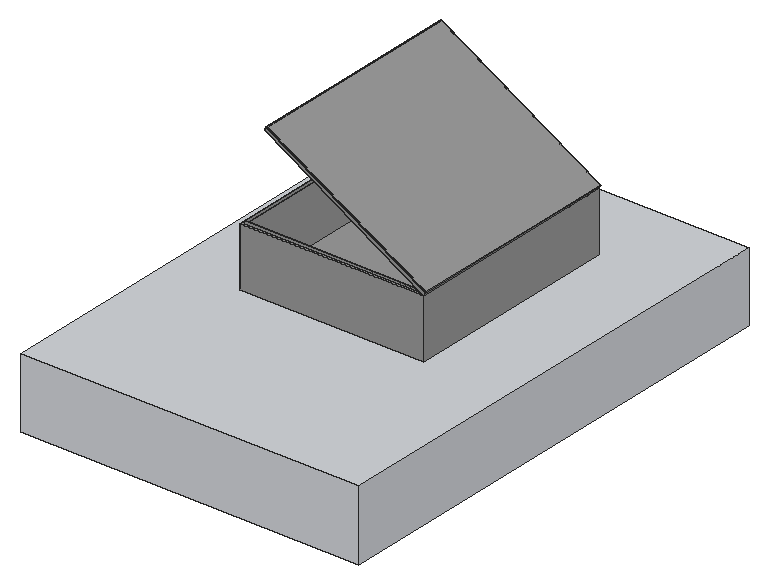
Revit family "Hager-Univers-IP55-D275-H950-Cl.II-Steel_encl-SE-en", category Equipement électrique, Revit 2020
Family settings
  Hôte = Face
  Configuration du panneau = Deux colonnes, circuits au sein
  Cote de connecteur circulaire = Utiliser le diamètre
  Type d'élément = Tableau de raccordement
  Couper avec des vides une fois chargée = Non
  Partagée = Non
  Point de calcul de pièce = Non
Parameters (values of type "Surface mounted (plaster) IP55 W800 H950 D275  - FR63S")
  Width Control [instance] = if([EF000008 - Width] > Min Width, [EF000008 - Width], Min Width)  # 800 mm
  Commentaires du type = [HG000003 - Range]  # "Univers"
  Thickness Door [instance] = if([EF009171 - Material plate thickness door/cover] > 3 mm, 3 mm, [EF009171 - Material plate thickness door/cover])  # 1.5 mm
  Seal Frame Offset [instance] = 17 mm  # constant formula
  Plinth Visibility [instance] = [HG000027 - Plinth height] > 0 mm  # no
  Model = ""
  Min Width [instance] = 100 mm  # constant formula
  Min Height [instance] = 100 mm  # constant formula
  Min Depth [instance] = (2 * [EF009170 - Material plate thickness cabinet]) + 1 mm  # 4 mm
  Internal Frame Depth [instance] = (Door System Depth * 0.5)  # 9 mm
  Height Control [instance] = if([EF000040 - Height] > Min Height, [EF000040 - Height], Min Height)  # 950 mm
  HG000027 - Plinth height = 0 mm
  HG000026 - Floor standing = no
  HG000024 - Bottom section height = 800 mm
  HG000023 - Double section enclosure = no
  HG000016 - Door 3d visibility [instance] = yes
  HG000015 - Clearance visibility [instance] = no
  HG000014 - Door on the right [instance] = yes
  HG000013 - Door on the left [instance] = not([HG000014 - Door on the right])  # no
  HG000012 - Door swing angle [instance] = 30.00°
  HG000010 - Asymmetric doors = no
  HG000009 - Double swing door = no
  HG000006 - Flush mounted = no
  HG000004 - Manufacturer reference = "FR63S"
  HG000003 - Range = "Univers"
  HG000002 - With door or cover = yes
  Frame Offset Bottom [instance] = 10 mm  # constant formula
  Frame Offset [instance] = 15 mm  # constant formula
  EF015940 - Cover with overpressure release = no
  EF011959 - Degree of protection (NEMA) = ""
  EF009554 - Number of openings for flange plates = 6
  EF009212 - Cover model = "EV000116 - Closed"
  EF009171 - Material plate thickness door/cover = 1.5 mm
  EF009170 - Material plate thickness cabinet = 1.5 mm
  Fabricant = "Hager"  # constant formula
  EF008873 - Nominal current (In) = 800 A
  EF007800 - Suitable for lightning protection = no
  EF006306 - With lock = no
  EF006244 - Transparent cover/door = no
  EF005474 - Degree of protection (IP) = "EV006420 - IP55"
  EF004464 - Type of door = "EV002646 - Single"
  EF004427 - Number of modules = 216
  EF004293 - Impact strength = "EV008784 - IK10"
  EF003532 - Suitable for outdoor use = no
  EF002950 - Width in number of modular spacings = 24
  EF001613 - Circuit integrity = "EV000494 - None"
  EF001596 - Material housing = "EV000179 - Steel"
  EF001131 - Internal depth = 275 mm
  EF001088 - Extension possible = yes
  EF000437 - Number of conduit inlets = 6
  EF000339 - Type of cover = "EV004216 - Door"
  EF000266 - Number of rows = 6
  EF000218 - Built-in depth = 0 mm
  EF000118 - With mounting plate = no
  EF000116 - RAL-number = "7035"
  EF000049 - Depth = 275 mm
  EF000040 - Height = 950 mm
  EF000008 - Width = 800 mm
  EF000007 - Colour = "EV000270 - Grey"
  EF000003 - Mounting method = "EV000384 - Surface mounted (plaster)"
  Door System Leaf Tolerance [instance] = 1.5 mm  # constant formula
  Door System Depth [instance] = 18 mm  # constant formula
  Door Height [instance] = Height Control - [HG000027 - Plinth height]  # 950 mm
  Depth Control [instance] = if([EF000049 - Depth] > Min Depth, [EF000049 - Depth], Min Depth)  # 275 mm
  Default Elevation = 0 mm
  Connector Offset [instance] = Height Control / 2  # 475 mm
  Bottom Top Plate Trim [instance] = 1.5 mm  # constant formula
  Plinth height Ctrl [instance] = if([HG000027 - Plinth height] > 0 mm, [HG000027 - Plinth height], 12 mm)  # 12 mm
Types (5, lengths in mm): name | Width Control | HG000010 - Asymmetric doors | HG000009 - Double swing door | HG000004 - Manufacturer reference | EF009554 - Number of openings for flange plates | EF004464 - Type of door | EF004427 - Number of modules | EF000437 - Number of conduit inlets | EF000008 - Width
  Surface mounted (plaster) IP55 W1050 H950 D275  - FR64S | 1050 | no | yes | "FR64S" | 8 | "EV003602 - Double" | 288 | 8 | 1050
  Surface mounted (plaster) IP55 W1300 H950 D275  - FR65S | 1300 | yes | yes | "FR65S" | 10 | "EV003602 - Double" | 360 | 10 | 1300
  Surface mounted (plaster) IP55 W300 H950 D275  - FR61S | 300 | no | no | "FR61S" | 2 | "EV002646 - Single" | 72 | 2 | 300
  Surface mounted (plaster) IP55 W550 H950 D275  - FR62S | 550 | no | no | "FR62S" | 4 | "EV002646 - Single" | 144 | 4 | 550
  Surface mounted (plaster) IP55 W800 H950 D275  - FR63S | 800 | no | no | "FR63S" | 6 | "EV002646 - Single" | 216 | 6 | 800
Reference planes
  plane 1 "Center (Front/Back)": y = 0
  plane 2: z = 0
  plane 3 "Center (Left/Right)": x = 0
  plane 4: z = 275
  plane 5: y = 1.5
  plane 6: y = 475
  plane 7: y = 0
  plane 8: y = 950
  plane 9: z = 0
  plane 10: x = -385
  plane 11: x = 385
  plane 12: x = 383.5
  plane 13: x = -383.5
  plane 14: y = 948.5
  plane 15: x = -383
  plane 16: x = -400
  plane 17: x = 383
  plane 18: x = 400
  plane 19: x = 398.5
  plane 20: x = -398.5
  plane 21: y = 11.5
  plane 22: y = 950
  plane 23: y = 933.5
  plane 24: z = 257
  plane 25: z = 1.5
  plane 26: z = 255.5
  plane 27: z = 273.5
Forms (mm)
  Extrusion 1, solid
    sketch origin (0, 0, 0) x (1, 0, 0) y (0, 1, 0)
      loop
        line (-702.964, 1305) -> (-702.964, -811.445) -> (766.763, -811.445) -> (766.763, 1305) -> (-702.964, 1305)
    from 0 to -304.8
  Extrusion 2, solid, material "Hager_Steel_RAL7035_Light_Grey", visible <- "Plinth Visibility", detail levels medium+fine
    sketch origin (0, 0, 0) x (1, 0, 0) y (0, 1, 0)
      loop
        line (-400, 0) -> (400, 0) -> (400, 12) -> (-400, 12) -> (-400, 0)
    from 0 to 257
  Extrusion 3, solid, material "Hager_Steel_RAL7035_Light_Grey", detail levels medium+fine
    sketch origin (0, 0, 0) x (1, 0, 0) y (0, 1, 0)
      loop
        line (-400, 0) -> (400, 0) -> (400, 950) -> (-400, 950) -> (-400, 0)
    from 0 to 257
  Extrusion 4, void
    sketch origin (0, 0, 0) x (1, 0, 0) y (0, 1, 0)
      loop
        line (-398.5, 1.5) -> (398.5, 1.5) -> (398.5, 948.5) -> (-398.5, 948.5) -> (-398.5, 1.5)
    from 1.5 to 255.5
  Extrusion 5, void
    sketch origin (-381.607, -4572, 257) x (0, -1, 0) y (-1, 0, 0)
      loop
        line (-4583.5, 1.893) -> (-5505.5, 1.893) -> (-5505.5, -765.107) -> (-4583.5, -765.107) -> (-4583.5, 1.893)
    from 0 to 1.5 <- "EF009170 - Material plate thickness cabinet"
  Extrusion 6, solid, material "Hager_Steel_RAL7035_Light_Grey", detail levels fine
    sketch origin (0, 0, 257) x (1, 0, 0) y (0, 1, 0)
      loop
        line (-383.5, 933.5) -> (-383.5, 11.5) -> (383.5, 11.5) -> (383.5, 933.5) -> (-383.5, 933.5)
      loop
        line (-385, 10) -> (385, 10) -> (385, 935) -> (-385, 935) -> (-385, 10)
    from 0 to 9 <- "Internal Frame Depth"
  Extrusion 7, solid, material "Hager_Steel_RAL7035_Light_Grey", detail levels coarse
    sketch origin (0, 0, 0) x (1, 0, 0) y (0, 1, 0)
      loop
        line (-400, 0) -> (400, 0) -> (400, 950) -> (-400, 950) -> (-400, 0)
    from 0 to 275
  Sweep 8, void
    path in 3D
      loop
        line (-400, 12, 0) -> (400, 12, 0) -> (400, 12, 257) -> (-400, 12, 257) -> (-400, 12, 0)
    profile origin (-400, 12, 128.5) x (-1, 0, 0) y (0, -1, 0)
      loop
        line (0, 0) -> (0, 1.5) -> (-1.5, 1.5)
        arc (-1.5, 1.5) -> (-1.061, 0.439) -> (0, 0) r 1.5
Cuts and joins
  Extrusion 4, Extrusion 5 cuts Extrusion 3
  Sweep 8 cuts Extrusion 2
Lines and regions (mm)
  Masking region 1
    outline origin (0, 0, 0) x (1, 0, 0) y (0, 0, 1)
      loop
        line (-400, 275) -> (-400, 0) -> (400, 0) -> (400, 275) -> (-400, 275)
  Masking region 2, detail levels medium+fine
    outline origin (0, 140, 0) x (0, 1, 0) y (0, 0, 1)
      loop
        line (-140, 0) -> (810, 0) -> (810, 257) -> (-140, 257) -> (-140, 0)
  Masking region 3, not visible, detail levels medium+fine
    outline origin (0, 297.922, 0) x (0, 1, 0) y (0, 0, 1)
      loop
        line (188.578, 0) -> (228.578, 0) -> (228.578, 263.5)
        arc (228.578, 263.5) -> (225.649, 270.571) -> (218.578, 273.5) r 10
        line (218.578, 273.5) -> (188.578, 273.5) -> (188.578, 0)
  Masking region 4, detail levels coarse
    outline origin (0, 0, 180) x (0, 1, 0) y (0, 0, 1)
      loop
        line (0, -180) -> (950, -180) -> (950, 95) -> (0, 95) -> (0, -180)
  Masking region 5, visible <- "Plinth Visibility", detail levels medium+fine
    outline origin (0, 52.24, 12.345) x (0, 0, -1) y (0, 1, 0)
      loop
        line (10.845, -40.24) -> (-243.155, -40.24)
        arc (-243.155, -40.24) -> (-243.594, -41.301) -> (-244.655, -41.74) r 1.5
        line (-244.655, -41.74) -> (-244.655, -52.24) -> (12.345, -52.24) -> (12.345, -41.74)
        arc (12.345, -41.74) -> (11.285, -41.301) -> (10.845, -40.24) r 1.5
  Masking region 6, detail levels medium+fine
    outline origin (-381.607, -4572, 257) x (-1, 0, 0) y (0, -1, 0)
      loop
        line (18.393, -5522) -> (18.393, -4572) -> (-781.607, -4572) -> (-781.607, -5522) -> (18.393, -5522)
  Masking region 7, visible <- "Plinth Visibility", detail levels medium+fine
    outline origin (-381.607, -4727, 257) x (-1, 0, 0) y (0, -1, 0)
      loop
        arc (16.893, -4739) -> (17.332, -4737.939) -> (18.393, -4737.5) r 1.5
        line (18.393, -4737.5) -> (18.393, -4727) -> (-781.607, -4727) -> (-781.607, -4737.5)
        arc (-781.607, -4737.5) -> (-780.546, -4737.939) -> (-780.107, -4739) r 1.5
        line (-780.107, -4739) -> (16.893, -4739)
  Masking region 8, detail levels coarse
    outline origin (-442.548, -4669.526, 257) x (-1, 0, 0) y (0, -1, 0)
      loop
        line (-42.548, -5619.526) -> (-42.548, -4669.526) -> (-842.548, -4669.526) -> (-842.548, -5619.526) -> (-42.548, -5619.526)
  sketch lines
    curve 1: line (-400, 12, 257) -> (-400, 12, 0)
    curve 2: line (400, 12, 257) -> (-400, 12, 257)
    curve 3: line (400, 12, 257) -> (400, 12, 0)
    curve 4: line (-400, 12, 0) -> (400, 12, 0)
Dimensions and locks
  "Depth Control": plane 4 to Extrusion 1
  "HG000027 - Plinth height": plane 1 "Center (Front/Back)" to plane 7
  "EF009170 - Material plate thickness cabinet": plane 5 to plane 7
  locked: connector elem to plane 3 "Center (Left/Right)"
  equal spacing: plane 8, plane 6, plane 7
  locked: connector elem to plane 6
  "EF009170 - Material plate thickness cabinet": plane 8 to plane 14
  "EF009170 - Material plate thickness cabinet": plane 10 to plane 13
  "EF009170 - Material plate thickness cabinet": plane 12 to plane 11
  "Frame Offset": plane 20 to plane 13
  "Frame Offset": plane 12 to plane 19
  "EF009170 - Material plate thickness cabinet": plane 16 to plane 20
  "EF009170 - Material plate thickness cabinet": plane 19 to plane 18
  "Seal Frame Offset": plane 16 to plane 15
  "Seal Frame Offset": plane 17 to plane 18
  "Frame Offset Bottom": plane 21 to plane 5
  "Frame Offset": plane 14 to plane 23
  equal spacing: plane 16, plane 3 "Center (Left/Right)", plane 18
  "Width Control": plane 16 to plane 18
  "EF009170 - Material plate thickness cabinet": plane 4 to plane 27
  "EF009170 - Material plate thickness cabinet": plane 24 to plane 26
  "EF009170 - Material plate thickness cabinet": plane 25 to level
  "Door System Depth": plane 4 to plane 24
  "Height Control": plane 1 "Center (Front/Back)" to Extrusion 7 sketch curve
  "Height Control": Masking region 4 sketch curve to plane 1 "Center (Front/Back)"
  "Height Control": plane 1 "Center (Front/Back)" to plane 22
  "Bottom Top Plate Trim": profile plane to Sweep 8 sketch curve
  "Bottom Top Plate Trim": Sweep 8 sketch curve to profile plane
  "Plinth height Ctrl": plane 1 "Center (Front/Back)" to Extrusion 2 sketch curve
  "Plinth height Ctrl": Masking region 5 sketch curve to plane 1 "Center (Front/Back)"
  "Plinth height Ctrl": plane 1 "Center (Front/Back)" to Masking region 7 sketch curve
  "Thickness Door": Extrusion 6 sketch curve to Extrusion 6 sketch curve  (x3)
  "Thickness Door": cut or joined group of Extrusion 3, Extrusion 4, Extrusion 5 to Extrusion 6 sketch curve
  radius of Masking region 3 sketch curve = 10 mm
  "Bottom Top Plate Trim": radius of Masking region 5 sketch curve  (x2)
  "Bottom Top Plate Trim": radius of Sweep 8 sketch curve
  "Bottom Top Plate Trim": radius of Masking region 7 sketch curve  (x2)
  aligned and locked: plane 2 to Extrusion 1
  aligned and locked: level to Extrusion 1
  aligned and locked: level to Masking region 1 sketch curve
  aligned and locked: Masking region 1 sketch curve to plane 18
  aligned and locked: Masking region 1 sketch curve to plane 16
  aligned and locked: plane 7 to Masking region 2 sketch curve
  aligned and locked: level to Masking region 3 sketch curve
  aligned and locked: Masking region 3 sketch curve to plane 27
  aligned and locked: level to Masking region 2 sketch curve
  aligned and locked: plane 1 "Center (Front/Back)" to Extrusion 2 sketch curve
  aligned and locked: Extrusion 3 sketch curve to plane 7
  aligned and locked: plane 16 to Extrusion 3 sketch curve
  aligned and locked: plane 18 to Extrusion 3 sketch curve
  aligned and locked: plane 20 to Extrusion 4 sketch curve
  aligned and locked: plane 19 to Extrusion 4 sketch curve
  aligned and locked: Extrusion 4 sketch curve to plane 5
  aligned and locked: Extrusion 4 to plane 25
  aligned and locked: plane 26 to Extrusion 4
  aligned and locked: plane 24 to Extrusion 3
  aligned and locked: Extrusion 5 sketch curve to plane 21
  aligned and locked: Extrusion 5 sketch curve to plane 13
  aligned and locked: Extrusion 5 sketch curve to plane 12
  aligned and locked: plane 18 to Extrusion 7 sketch curve
  aligned and locked: plane 1 "Center (Front/Back)" to Extrusion 7 sketch curve
  aligned and locked: plane 16 to Extrusion 7 sketch curve
  aligned and locked: plane 4 to Extrusion 7
  aligned and locked: Extrusion 7 to level
  aligned and locked: level to Masking region 4 sketch curve
  aligned and locked: Masking region 4 sketch curve to plane 1 "Center (Front/Back)"
  aligned and locked: Masking region 4 sketch curve to plane 4
  aligned and locked: nested 1 to level
  aligned and locked: nested 1 to plane 16
  aligned and locked: plane 8 to Extrusion 3 sketch curve
  aligned and locked: plane 23 to Extrusion 5 sketch curve
  aligned and locked: plane 14 to Extrusion 4 sketch curve
  aligned and locked: Masking region 2 sketch curve to plane 8
  aligned and locked: level to Masking region 5 sketch curve
  aligned and locked: plane 16 to Extrusion 2 sketch curve
  aligned and locked: plane 18 to Extrusion 2 sketch curve
  aligned and locked: Masking region 5 sketch curve to plane 24
  aligned and locked: Masking region 2 sketch curve to plane 24
  aligned and locked: plane 24 to Extrusion 2
  aligned and locked: profile plane to Sweep 8 sketch curve  (x2)
  aligned and locked: Masking region 6 sketch curve to plane 18
  aligned and locked: Masking region 6 sketch curve to plane 22
  aligned and locked: Masking region 6 sketch curve to plane 16
  aligned and locked: plane 8 to plane 22
  aligned and locked: Masking region 6 sketch curve to plane 7
  aligned and locked: Masking region 7 sketch curve to plane 16
  aligned and locked: Masking region 7 sketch curve to plane 1 "Center (Front/Back)"
  aligned and locked: Masking region 7 sketch curve to plane 18
  aligned and locked: Masking region 8 sketch curve to plane 1 "Center (Front/Back)"
  aligned and locked: Masking region 8 sketch curve to plane 18
  aligned and locked: Masking region 8 sketch curve to plane 22
  aligned and locked: Masking region 8 sketch curve to plane 16
  aligned and locked: nested 2 to plane 7
  aligned and locked: plane 3 "Center (Left/Right)" to nested 2
  aligned and locked: nested 2 to plane 24
  aligned and locked: Extrusion 6 sketch curve to cut or joined group of Extrusion 3, Extrusion 4, Extrusion 5  (x4)
Automatic sketch dimensions
  Extrusion 1 sketch curve to Extrusion 1 sketch curve = 1469.727 mm
  Extrusion 1 sketch curve to Extrusion 1 sketch curve = 2116.445 mm
  Masking region 1 sketch curve to plane 4 = 0 mm
  plane 6 to Masking region 3 sketch curve = 11.5 mm
  Masking region 3 sketch curve to Masking region 3 sketch curve = 30 mm
  Masking region 5 sketch curve to plane 1 "Center (Front/Back)" = 0 mm
Nested families
  nested 1: "Hager_Enclosure_Symbol" at (-400, 0, 0) x (1, 0, 0) z (0, -1, 0), Height <- "Depth Control", Width <- "Width Control", type "Hager_Enclosure_Symbol"
    with Width_Ctrl 800 mm, Width 800 mm, Height_Ctrl 275 mm, Height 275 mm, A_Width_Int 18.047 mm, A_Width 216.562 mm, A_Height_Ctrl 240.625 mm, A_Height 240.625 mm
  nested 2: "EC000058_Univers_Door" at (0, 0, 257) x (1, 0, 0) z (0, 1, 0), Leaf_Tolerance <- "Door System Leaf Tolerance", Angle <- "HG000012 - Door swing angle", Door_Depth <- "Door System Depth", Door_Left <- "HG000013 - Door on the left", Transparent <- "EF006244 - Transparent cover/door", Assymetrical <- "HG000010 - Asymmetric doors", Width <- "Width Control", Clearance <- "HG000015 - Clearance visibility", Double <- "HG000009 - Double swing door", 3d_Door <- "HG000016 - Door 3d visibility", Lock_Visibility <- "EF006306 - With lock", Width_Ctrl <- "Width Control", Door_Right <- "HG000014 - Door on the right", Door <- "HG000002 - With door or cover", Height <- "Door Height", Thickness <- "Thickness Door", type "EC000058_Univers_Door", detail levels medium+fine
    with min_wh 4 mm, Width_Ctrl 800 mm, Width 800 mm, Transparent no, Thickness 1.5 mm, Seal_Material Hager_Rubber, Lock_Visibility no, Lock_Material Hager_Plastic_RAL9005_Jet_Black, Leaf_Width 800 mm, Leaf_Tolerance_External_Sides 0 mm, Leaf_Tolerance 1.5 mm, Leaf_Offset 0 mm, Leaf_Height 947 mm, Leaf_2_Width 800 mm, Leaf_2_Offset 400 mm, Leaf_1_Width 800 mm, Leaf_1_Offset 400 mm, Height_Ctrl 950 mm, Height 950 mm, Glass_Material Hager_Glass, Double_Clearance_Ctrl no, Double no, Door_Right_Ctrl yes, Door_Right yes, Door_Material Hager_Steel_RAL7035_Light_Grey, Door_Left_Ctrl no, Door_Left no, Door_Depth 18 mm, Door yes, Clearance_Material Hager_Clearance, Clearance_Depth 800 mm, Clearance_Ctrl no, Clearance no, Assymetrical no, Angle 30.00°, 3d_Door yes
Connectors
  electrical at (0, 475, 0)
    settings: on plane 9, index 1, voltage 0 V, apparent load 0 VA, apparent load phase1 0 VA, apparent load phase2 0 VA, apparent load phase3 0 VA, power factor 1, load classification "Other", number of poles 1, system type 30, power factor state 1, is connector primary yes, connector utility no, sub classification motor no, connector description ""
Definition of nested family "EC000058_Univers_Door"
  Parameters (values of type "EC000058_Univers_Door")
    min_wh [instance] = (2 * Thickness) + 1 mm  # 11 mm
    Width_Ctrl [instance] = 400 mm
    Width [instance] = 500 mm
    Transparent [instance] = yes
    Thickness [instance] = 5 mm
    Seal_Material [instance] = none
    Lock_Visibility [instance] = yes
    Lock_Material [instance] = none
    Leaf_Width [instance] = if((Width_Ctrl - 2 * Leaf_Tolerance_External_Sides) > 0 mm, (Width_Ctrl - 2 * Leaf_Tolerance_External_Sides), min_wh)  # 400 mm
    Leaf_Tolerance_External_Sides [instance] = 0 mm  # constant formula
    Leaf_Tolerance [instance] = 1.5 mm
    Leaf_Offset [instance] = 0 mm  # constant formula
    Leaf_Height [instance] = if((Height_Ctrl - 2 * Leaf_Tolerance) > 0 mm, (Height_Ctrl - 2 * Leaf_Tolerance), min_wh)  # 497 mm
    Leaf_2_Width [instance] = if(and(and(Double, Assymetrical), Door_Left), (Leaf_Width / 3) - (Leaf_Tolerance / 2), if(and(and(Double, Assymetrical), Door_Right), (Leaf_Width / 3) * 2 - (Leaf_Tolerance / 2), if(and(Double, not(Assymetrical)), (Leaf_Width / 2) - Leaf_Tolerance, Leaf_Width)))  # 400 mm
    Leaf_2_Offset [instance] = if(and(Double, Assymetrical), Leaf_2_Width / 2, if(and(Double, not(Assymetrical)), Leaf_Width / 4, Leaf_Width / 2))  # 200 mm
    Leaf_1_Width [instance] = if(and(and(Double, Assymetrical), Door_Right), (Leaf_Width / 3) - (Leaf_Tolerance / 2), if(and(and(Double, Assymetrical), Door_Left), (Width / 3) * 2 - (Leaf_Tolerance / 2), if(and(Double, not(Assymetrical)), (Leaf_Width / 2) - Leaf_Tolerance, Leaf_Width)))  # 400 mm
    Leaf_1_Offset [instance] = if(and(Double, Assymetrical), Leaf_1_Width / 2, if(and(Double, not(Assymetrical)), Leaf_Width / 4, Leaf_Width / 2))  # 200 mm
    Height_Ctrl [instance] = if(Height > min_wh, Height, min_wh)  # 500 mm
    Height [instance] = 500 mm
    Glass_Material [instance] = none
    Double_Clearance_Ctrl [instance] = and(Double, Clearance)  # no
    Double [instance] = no
    Door_Right_Ctrl [instance] = and(or(Door_Right, Double), Door)  # yes
    Door_Right [instance] = yes
    Door_Material [instance] = none
    Door_Left_Ctrl [instance] = and(or(Door_Left, Double), Door)  # no
    Door_Left [instance] = no
    Door_Depth [instance] = 30 mm
    Door [instance] = yes
    Default Elevation = 1219.2 mm
    Clearance_Material [instance] = none
    Clearance_Depth [instance] = if(Leaf_1_Width > Leaf_2_Width, Leaf_1_Width, Leaf_2_Width)  # 400 mm
    Clearance_Ctrl [instance] = and(not(Double), Clearance)  # yes
    Clearance [instance] = yes
    Assymetrical [instance] = yes
    Angle [instance] = 30.00°
    3d_Door [instance] = yes
  Reference planes
    plane 1 "Center (Front/Back)": y = 0
    plane 2 "Bottom": z = 0
    plane 3 "Center (Left/Right)": x = 0
    plane 4: z = 500
    plane 5: x = -200
    plane 6: x = 200
    plane 7: z = 500
    plane 8: x = -200
    plane 9: z = 0
    plane 10: x = 200
    plane 11: y = 0
    plane 12: z = 1.5
    plane 13: x = -600
    plane 14: y = -400
    plane 15: x = 600
    plane 16: x = 0
    plane 17: x = 0
    plane 18: x = -200
    plane 19: x = 200
    plane 20: z = 498.5
  Forms (mm)
    Extrusion 1, solid, material <- "Clearance_Material", visible <- "Double_Clearance_Ctrl"
      sketch origin (1200, 0, 0) x (1, 0, 0) y (0, 0, -1)
        loop
          line (-1800, -498.5) -> (-600, -498.5) -> (-600, 0) -> (-1800, 0) -> (-1800, -498.5)
      from 0 to -400
  Dimensions and locks
    equal spacing: plane 5, plane 3 "Center (Left/Right)", plane 6
    "Width_Ctrl": plane 5 to plane 6
    "Leaf_Offset": plane 5 to plane 8
    "Leaf_Offset": plane 6 to plane 10
    "Leaf_Offset": plane 9 to level
    "Leaf_Offset": plane 4 to plane 7
    "Height_Ctrl": plane 4 to level
    "Leaf_Tolerance": plane 12 to plane 9
    locked: plane 11 to plane 1 "Center (Front/Back)"
    "Leaf_1_Offset": plane 18 to plane 16
    "Leaf_2_Offset": plane 17 to plane 19
    "Leaf_1_Width": plane 13 to plane 8
    "Leaf_2_Width": plane 10 to plane 15
    "Clearance_Depth": plane 14 to plane 1 "Center (Front/Back)"
    "Leaf_Tolerance_External_Sides": plane 8 to plane 18
    "Leaf_Tolerance_External_Sides": plane 19 to plane 10
    "Leaf_Tolerance": plane 7 to plane 20
    aligned and locked: level to plane 2 "Bottom"
    aligned and locked: nested 1 to plane 16
    aligned and locked: nested 2 to plane 17
    aligned and locked: Extrusion 1 to plane 13
    aligned and locked: plane 15 to Extrusion 1
    aligned and locked: Extrusion 1 to plane 14
    aligned and locked: plane 12 to nested 1
    aligned and locked: nested 2 to plane 12
    aligned and locked: Extrusion 1 to plane 11
    aligned and locked: plane 20 to Extrusion 1
    aligned and locked: nested 2 to plane 11
    aligned and locked: nested 1 to plane 11
  Automatic sketch dimensions
    Extrusion 1 sketch curve to level = 0 mm
    plane 5 to Extrusion 1 sketch curve = 400 mm
    plane 6 to Extrusion 1 sketch curve = 400 mm
    Extrusion 1 sketch curve to plane 4 = 1.5 mm
  Nested families
    nested 1: "EC000058_Univers_Door_Leaf" at (0, 0, 1.5), Width <- "Leaf_1_Width", visible <- "Door_Left_Ctrl", Leaf_Height <- "Leaf_Height", Angle <- "Angle", 3d_Door <- "3d_Door", Transparent <- "Transparent", Clearance Material <- "Clearance_Material", Clearance <- "Clearance_Ctrl", Door_Material <- "Door_Material", Glass_Material <- "Glass_Material", Door_Depth <- "Door_Depth", Lock_Material <- "Lock_Material", Seal_Material <- "Seal_Material", Lock_Visibility <- "Lock_Visibility", Thickness <- "Thickness", type "EC000058_Univers_Door_Leaf"
      with Width 400 mm, Transparent_Glass_Offset 30 mm, Transparent_Ctrl yes, Transparent yes, Thickness 5 mm, Standard no, Seal_Material none, Seal_D2 8 mm, Seal_D1 1 mm, Offset_Internal_Frame 10 mm, Lock_Width 20 mm, Lock_Visibility_3d yes, Lock_Visibility yes, Lock_Thickness_3 3 mm, Lock_Thickness_2 1 mm, Lock_Thickness_1 3 mm, Lock_Radius_Offset_2 16 mm, Lock_Radius_Offset_1 15 mm, Lock_Radius_2 5 mm, Lock_Radius 6 mm, Lock_Offset 5 mm, Lock_Material none, Lock_Height 80 mm, Lock_Cover_Top_Offset_2d 17 mm, Lock_Cover_Height -65 mm, Leaf_Height 497 mm, Internal_Seal_Thickness 8 mm, Internal_Seal_Depth_2 4.5 mm, Internal_Frame_Depth 25 mm, Glass_Thickness -1 mm, Glass_Offset -2 mm, Glass_Material none, Door_Material none, Door_Depth 30 mm, Clearance Material none, Clearance yes, Angle_Ctrl 30.00°, Angle 30.00°, 3d_Door yes
    nested 2: "EC000058_Univers_Door_Leaf" at (0, 0, 1.5) x (-1, 0, 0) z (0, 0, 1), Width <- "Leaf_2_Width", visible <- "Door_Right_Ctrl", Leaf_Height <- "Leaf_Height", Angle <- "Angle", 3d_Door <- "3d_Door", Transparent <- "Transparent", Clearance Material <- "Clearance_Material", Clearance <- "Clearance_Ctrl", Door_Material <- "Door_Material", Glass_Material <- "Glass_Material", Door_Depth <- "Door_Depth", Lock_Material <- "Lock_Material", Seal_Material <- "Seal_Material", Lock_Visibility <- "Lock_Visibility", Thickness <- "Thickness", type "EC000058_Univers_Door_Leaf"
      with Width 400 mm, Transparent_Glass_Offset 30 mm, Transparent_Ctrl yes, Transparent yes, Thickness 5 mm, Standard no, Seal_Material none, Seal_D2 8 mm, Seal_D1 1 mm, Offset_Internal_Frame 10 mm, Lock_Width 20 mm, Lock_Visibility_3d yes, Lock_Visibility yes, Lock_Thickness_3 3 mm, Lock_Thickness_2 1 mm, Lock_Thickness_1 3 mm, Lock_Radius_Offset_2 16 mm, Lock_Radius_Offset_1 15 mm, Lock_Radius_2 5 mm, Lock_Radius 6 mm, Lock_Offset 5 mm, Lock_Material none, Lock_Height 80 mm, Lock_Cover_Top_Offset_2d 17 mm, Lock_Cover_Height -65 mm, Leaf_Height 497 mm, Internal_Seal_Thickness 8 mm, Internal_Seal_Depth_2 4.5 mm, Internal_Frame_Depth 25 mm, Glass_Thickness -1 mm, Glass_Offset -2 mm, Glass_Material none, Door_Material none, Door_Depth 30 mm, Clearance Material none, Clearance yes, Angle_Ctrl 30.00°, Angle 30.00°, 3d_Door yes
  Definition of nested family "EC000058_Univers_Door_Leaf"
    Parameters (values of type "EC000058_Univers_Door_Leaf")
      Width [instance] = 2000 mm
      Transparent_Glass_Offset [instance] = 30 mm
      Transparent_Ctrl [instance] = and(Transparent, [3d_Door])  # yes
      Transparent [instance] = yes
      Thickness [instance] = 5 mm
      Standard [instance] = and(not(Transparent), [3d_Door])  # no
      Seal_Material [instance] = none
      Seal_D2 [instance] = 8 mm  # constant formula
      Seal_D1 [instance] = 1 mm  # constant formula
      Offset_Internal_Frame [instance] = 10 mm  # constant formula
      Lock_Width [instance] = 20 mm  # constant formula
      Lock_Visibility_3d [instance] = and(Lock_Visibility, [3d_Door])  # yes
      Lock_Visibility [instance] = yes
      Lock_Thickness_3 [instance] = 3 mm  # constant formula
      Lock_Thickness_2 [instance] = 1 mm  # constant formula
      Lock_Thickness_1 [instance] = 3 mm  # constant formula
      Lock_Radius_Offset_2 [instance] = Lock_Radius_Offset_1 + 1 mm  # 16 mm
      Lock_Radius_Offset_1 [instance] = 15 mm  # constant formula
      Lock_Radius_2 [instance] = Lock_Radius - 1 mm  # 5 mm
      Lock_Radius [instance] = 6 mm  # constant formula
      Lock_Offset [instance] = 5 mm  # constant formula
      Lock_Material [instance] = none
      Lock_Height [instance] = 80 mm  # constant formula
      Lock_Cover_Top_Offset_2d [instance] = Lock_Radius_Offset_2 + 1 mm  # 17 mm
      Lock_Cover_Height [instance] = -(Lock_Height - Lock_Radius_Offset_1)  # -65 mm
      Leaf_Height [instance] = 2720.336 mm
      Internal_Seal_Thickness [instance] = 8 mm  # constant formula
      Internal_Seal_Depth_2 [instance] = 4.5 mm  # constant formula
      Internal_Frame_Depth [instance] = if(Door_Depth - Thickness > 5 mm, Door_Depth - Thickness, 5 mm)  # 25 mm
      Glass_Thickness [instance] = if(Thickness > 15 mm, Glass_Offset + 10 mm, -1 mm)  # -1 mm
      Glass_Offset [instance] = if(Thickness > 15 mm, -(Thickness + 10 mm) / 2, -2 mm)  # -2 mm
      Glass_Material [instance] = none
      Door_Material [instance] = none
      Door_Depth [instance] = 30 mm
      Default Elevation = 0 mm
      Clearance Material [instance] = none
      Clearance [instance] = yes
      Angle_Ctrl [instance] = if(Angle > 180.00°, 180.00°, Angle)  # 90.00°
      Angle [instance] = 90.00°
      3d_Door [instance] = yes
    Reference planes
      plane 1 "Center (Front/Back)": y = 0
      plane 2: z = 0
      plane 3 "Center (Left/Right)": x = 0
      plane 4: y = 2000
      plane 5: x = -1000
      plane 6: x = 1000
      plane 7: x = -3000
      plane 8: z = 2720.336
      plane 9: z = 30
      plane 10: z = 2690.336
      plane 11: x = 970
      plane 12: x = -970
      plane 13: y = -3
      plane 14: z = 107.833
      plane 15: y = -5
      plane 16: y = -223.314
      plane 17: x = -1000
      plane 18: z = 1360.168
      plane 19: y = 30
    Forms (mm)
      Extrusion 1, solid, material <- "Clearance Material", visible <- "Clearance"
        sketch origin (0, 0, 0) x (1, 0, 0) y (0, 0, 1)
          loop
            line (-3000, 2720.336) -> (-3000, 0) -> (1000, 0) -> (1000, 2720.336) -> (-3000, 2720.336)
        from 0 to -2000
      Extrusion 2, solid, material <- "Door_Material", visible <- "Standard", detail levels medium+fine
        sketch origin (-1000, 0, 0) x (0, 1, 0) y (-1, 0, 0)
          loop
            line (0, 30) -> (0, 25) -> (2000, 25) -> (2000, 30) -> (0, 30)
        from 0 to 2720.336 <- "Leaf_Height"
      Extrusion 3, solid, material <- "Door_Material", visible <- "Transparent_Ctrl", detail levels medium+fine
        sketch origin (-1000, 0, 0) x (0, 1, 0) y (-1, 0, 0)
          loop
            line (0, 25) -> (2000, 25) -> (2000, 30) -> (0, 30) -> (0, 25)
        from 0 to 2720.336 <- "Leaf_Height"
      Extrusion 4, void
        sketch origin (-1025, 2000, 0) x (0, 1, 0) y (0, 0, -1)
          loop
            line (-30, -2690.336) -> (-30, -30) -> (-1970, -30) -> (-1970, -2690.336) -> (-30, -2690.336)
        from 0 to 5 <- "Thickness"
      Sweep 5, solid, material <- "Seal_Material", visible <- "Transparent_Ctrl", detail levels fine
        path in 3D
          loop
            line (-1025, 30, 30) -> (-1025, 30, 2690.336) -> (-1025, 1970, 2690.336) -> (-1025, 1970, 30) -> (-1025, 30, 30)
        profile origin (-1025, 1000, 30) x (1, 0, 0) y (0, 0, 1)
          loop
            line (0, 0) -> (0, -8) -> (1, -8) -> (1, 0) -> (0, 0)
      Extrusion 6, solid, material <- "Glass_Material", visible <- "Transparent_Ctrl", detail levels medium+fine
        sketch origin (-1030, 0, 0) x (0, 1, 0) y (0, 0, -1)
          loop
            line (1970, -2690.336) -> (1970, -30) -> (30, -30) -> (30, -2690.336) -> (1970, -2690.336)
        from -2 <- "Glass_Offset" to -1 <- "Glass_Thickness"
      Extrusion 7, solid, material <- "Door_Material", visible <- "3d_Door", detail levels medium+fine
        sketch origin (-1025, 2000, 0) x (0, -1, 0) y (0, 0, -1)
          loop
            line (0, -2720.336) -> (2000, -2720.336) -> (2000, 0) -> (0, 0) -> (0, -2720.336)
          loop
            line (1995, -5) -> (5, -5) -> (5, -2715.336) -> (1995, -2715.336) -> (1995, -5)
        from 0 to 25 <- "Internal_Frame_Depth"
      Sweep 8, solid, material <- "Seal_Material", visible <- "Transparent_Ctrl", detail levels fine
        path in 3D
          loop
            line (-1025, 0, 0) -> (-1025, 2000, 0) -> (-1025, 2000, 2720.336) -> (-1025, 0, 2720.336) -> (-1025, 0, 0)
        profile origin (-1025, 0, 1360.168) x (1, 0, 0) y (0, 1, 0)
          loop
            line (0, 10) -> (2.975, 10)
            arc (2.975, 10) -> (4.053, 10.447) -> (4.5, 11.525) r 1.525
            line (4.5, 11.525) -> (4.5, 16.527)
            arc (4.5, 16.527) -> (4.069, 17.569) -> (3.027, 18) r 1.473
            line (3.027, 18) -> (0, 18) -> (0, 10)
      Extrusion 9, solid, material <- "Lock_Material", visible <- "Lock_Visibility_3d", detail levels fine
        sketch origin (-1030, 0, 0) x (0, 1, 0) y (0, 0, -1)
          loop
            arc (1993.5, -1400.168) -> (1994.561, -1399.729) -> (1995, -1398.668) r 1.5
            line (1995, -1398.668) -> (1995, -1320.168) -> (1975, -1320.168) -> (1975, -1398.668)
            arc (1975, -1398.668) -> (1975.439, -1399.729) -> (1976.5, -1400.168) r 1.5
            line (1976.5, -1400.168) -> (1993.5, -1400.168)
        from 3 <- "Lock_Thickness_1" to 0
      Blend 10, solid, material <- "Lock_Material", visible <- "Lock_Visibility_3d", detail levels fine
        base sketch origin (-1033, 0, 0) x (0, 1, 0) y (0, 0, -1)
          loop
            line (1975, -1320.168) -> (1975, -1398.668)
            arc (1975, -1398.668) -> (1975.439, -1399.729) -> (1976.5, -1400.168) r 1.5
            line (1976.5, -1400.168) -> (1993.5, -1400.168)
            arc (1993.5, -1400.168) -> (1994.561, -1399.729) -> (1995, -1398.668) r 1.5
            line (1995, -1398.668) -> (1995, -1320.168) -> (1975, -1320.168)
        top sketch origin (-1033, 0, 0) x (0, 1, 0) y (0, 0, -1)
          loop
            line (1976, -1320.168) -> (1976, -1398.668)
            arc (1976, -1398.668) -> (1976.146, -1399.022) -> (1976.5, -1399.168) r 0.5
            line (1976.5, -1399.168) -> (1993.5, -1399.168)
            arc (1993.5, -1399.168) -> (1993.854, -1399.022) -> (1994, -1398.668) r 0.5
            line (1994, -1398.668) -> (1994, -1320.168) -> (1976, -1320.168)
        from 0 to 1 <- "Lock_Thickness_2"
      Blend 11, solid, material <- "Lock_Material", visible <- "Lock_Visibility_3d", detail levels fine
        base sketch origin (-1034, 0, 0) x (0, 1, 0) y (0, 0, -1)
          loop
            line (1978, -1320.168) -> (1978, -1384.168)
            arc (1978, -1384.168) -> (1985, -1391.168) -> (1992, -1384.168) r 7
            line (1992, -1384.168) -> (1992, -1320.168) -> (1978, -1320.168)
        top sketch origin (-1034, 0, 0) x (0, 1, 0) y (0, 0, -1)
          loop
            line (1991, -1320.168) -> (1979, -1320.168) -> (1979, -1383.168)
            arc (1979, -1383.168) -> (1985, -1389.168) -> (1991, -1383.168) r 6
            line (1991, -1383.168) -> (1991, -1320.168)
        from 0 to 3 <- "Lock_Thickness_3"
      Extrusion 12, solid, material <- "Lock_Material", visible <- "Lock_Visibility_3d", detail levels fine
        sketch origin (-1030, 1975, 1320.168) x (1, 0, 0) y (0, -1, 0)
          loop
            line (-7, -19) -> (-7, -1) -> (0, -1) -> (0, 0) -> (-8, 0) -> (-8, -20) -> (0, -20) -> (0, -19) -> (-7, -19)
        from 0 to -65 <- "Lock_Cover_Height"
      Extrusion 13, void
        sketch origin (-1038, 1995, 1320.168) x (-1, 0, 0) y (0, 0, -1)
          loop
            line (-5, -65) -> (0, -65) -> (-5, -60) -> (-5, -65)
        from 0 to 20 <- "Lock_Width"
      Extrusion 14, void
        sketch origin (-1038, 1975, 1320.168) x (0, -1, 0) y (0, 0, -1)
          loop
            circle (-10, -15.995) r 6
          loop
            circle (-10, -15.995) r 5
        from 0 to 2
      Extrusion 15, solid, material <- "Lock_Material", visible <- "Lock_Visibility_3d", detail levels medium
        sketch origin (-1030, 0, 0) x (0, 1, 0) y (0, 0, -1)
          loop
            arc (1993.5, -1400.168) -> (1994.561, -1399.729) -> (1995, -1398.668) r 1.5
            line (1995, -1398.668) -> (1995, -1320.168) -> (1975, -1320.168) -> (1975, -1398.668)
            arc (1975, -1398.668) -> (1975.439, -1399.729) -> (1976.5, -1400.168) r 1.5
            line (1976.5, -1400.168) -> (1993.5, -1400.168)
        from 8 to 0
    Cuts and joins
      Extrusion 4 cuts Extrusion 3
      Extrusion 13, Extrusion 14 cuts Extrusion 9
      Extrusion 14 cuts Blend 11
      Extrusion 13, Extrusion 14 cuts Extrusion 12
      joined: Extrusion 9, Blend 10, Blend 11, Extrusion 12
      Extrusion 14 cuts Extrusion 15
    Lines and regions (mm)
      Masking region 1, visible <- "Lock_Visibility", detail levels fine
        outline origin (0, 0, 0) x (0, 1, 0) y (0, 0, 1)
          loop
            line (30, 1320.168) -> (33, 1320.168) -> (33, 1400.168) -> (30, 1400.168) -> (30, 1320.168)
      Masking region 2, visible <- "Lock_Visibility", detail levels fine
        outline origin (0, 3.143, 0) x (0, 1, 0) y (0, 0, 1)
          loop
            line (29.857, 1354.168) -> (30.857, 1354.168) -> (30.857, 1366.168) -> (29.857, 1366.168) -> (29.857, 1354.168)
      Masking region 3, detail levels medium+fine
        outline origin (0, 0, 0) x (0, 1, 0) y (0, 0, 1)
          loop
            line (0, 0) -> (30, 0) -> (30, 2720.336) -> (0, 2720.336) -> (0, 0)
      Masking region 4, detail levels medium+fine
        outline origin (0, 0, 0) x (1, 0, 0) y (0, 0, 1)
          loop
            line (-1000, 2720.336) -> (-1000, 0) -> (1000, 0) -> (1000, 2720.336) -> (-1000, 2720.336)
      Masking region 5, visible <- "Lock_Visibility", detail levels fine
        outline origin (-47.116, 0, 0) x (1, 0, 0) y (0, 0, 1)
          loop
            arc (1024.616, 1399.168) -> (1023.556, 1398.729) -> (1023.116, 1397.668) r 1.5
            line (1023.116, 1397.668) -> (1023.116, 1320.168) -> (1041.116, 1320.168) -> (1041.116, 1397.668)
            arc (1041.116, 1397.668) -> (1040.677, 1398.729) -> (1039.616, 1399.168) r 1.5
            line (1039.616, 1399.168) -> (1024.616, 1399.168)
      Masking region 6, visible <- "Lock_Visibility", detail levels medium+fine
        outline origin (-25, 0, 0) x (1, 0, 0) y (0, 0, 1)
          loop
            arc (1001.5, 1400.168) -> (1000.439, 1399.729) -> (1000, 1398.668) r 1.5
            line (1000, 1398.668) -> (1000, 1320.168) -> (1020, 1320.168) -> (1020, 1398.668)
            arc (1020, 1398.668) -> (1019.561, 1399.729) -> (1018.5, 1400.168) r 1.5
            line (1018.5, 1400.168) -> (1001.5, 1400.168)
      Masking region 7, visible <- "Lock_Visibility", detail levels fine
        outline origin (-73.735, 0, 0) x (1, 0, 0) y (0, 0, 1)
          loop
            line (1051.735, 1382.168) -> (1065.735, 1382.168) -> (1065.735, 1384.168)
            arc (1065.735, 1384.168) -> (1058.735, 1391.168) -> (1051.735, 1384.168) r 7
            line (1051.735, 1384.168) -> (1051.735, 1382.168)
      Masking region 8, visible <- "Lock_Visibility", detail levels fine
        outline origin (-73.735, 0, 0) x (1, 0, 0) y (0, 0, 1)
          loop
            line (1052.735, 1382.168) -> (1064.735, 1382.168) -> (1064.735, 1383.168)
            arc (1064.735, 1383.168) -> (1058.735, 1389.168) -> (1052.735, 1383.168) r 6
            line (1052.735, 1383.168) -> (1052.735, 1382.168)
      Masking region 9, visible <- "Lock_Visibility", detail levels fine
        outline origin (-25, 0, 0) x (1, 0, 0) y (0, 0, 1)
          loop
            line (1020, 1320.168) -> (1020, 1382.168) -> (1000, 1382.168) -> (1000, 1320.168) -> (1020, 1320.168)
      Masking region 10, detail levels medium+fine
        outline origin (0, 0, 0) x (1, 0, 0) y (0, 0, 1)
          loop
            circle (985, 1335.144) r 6
      Masking region 11, detail levels fine
        outline origin (0, 0, 0) x (1, 0, 0) y (0, 0, 1)
          loop
            circle (985, 1335.144) r 5
      Masking region 12, visible <- "Lock_Visibility", detail levels fine
        outline origin (0, 12.767, 0) x (0, 1, 0) y (0, 0, 1)
          loop
            line (20.233, 1320.168) -> (21.233, 1320.168) -> (21.233, 1399.168) -> (20.233, 1400.168) -> (20.233, 1320.168)
      Masking region 13, visible <- "Lock_Visibility", detail levels fine
        outline origin (0, 13.767, -10) x (0, 1, 0) y (0, 0, 1)
          loop
            line (20.233, 1330.168) -> (23.233, 1330.168) -> (23.233, 1399.168) -> (20.233, 1402.168) -> (20.233, 1330.168)
      Masking region 14, visible <- "Lock_Visibility", detail levels fine
        outline origin (0, 12.767, -10) x (0, 1, 0) y (0, 0, 1)
          loop
            line (20.233, 1330.168) -> (25.233, 1330.168) -> (25.233, 1399.305) -> (20.233, 1394.305) -> (20.233, 1330.168)
      Masking region 15, visible <- "Lock_Visibility", detail levels medium
        outline origin (0, 0, 0) x (0, 1, 0) y (0, 0, 1)
          loop
            line (30, 1320.168) -> (38, 1320.168) -> (38, 1400.168) -> (30, 1400.168) -> (30, 1320.168)
      Masking region 16, visible <- "Lock_Visibility", detail levels fine
        outline origin (-1000, 0, 0) x (0, 1, 0) y (-1, 0, 0)
          loop
            line (1975, 30) -> (1995, 30) -> (1995, 38) -> (1975, 38) -> (1975, 30)
          loop
            line (1979, 37) -> (1976, 37) -> (1976, 34) -> (1978, 34) -> (1979, 37)
          loop
            line (1994, 37) -> (1991, 37) -> (1992, 34) -> (1994, 34) -> (1994, 37)
      Masking region 17, visible <- "Lock_Visibility", detail levels medium
        outline origin (-1000, 0, 0) x (0, 1, 0) y (-1, 0, 0)
          loop
            line (1975, 30) -> (1995, 30) -> (1995, 38) -> (1975, 38) -> (1975, 30)
      symbolic lines
        curve 1: line (1000, 0, 0) -> (-3000, 0, 0)
        curve 2: arc (1000, 0, 0) -> (-1000, 2000, 0) -> (-3000, 0, 0) r 2000
        curve 4: line (-1030, 0, 0) -> (-1030, 2000, 0)
      reference lines
        curve 3: line (-1000, 0, 0) -> (-1000, 2000, 0)
      symbolic lines, detail levels medium+fine
        curve 5: line (-1030, 2000, 0) -> (-1025, 2000, 0)
        curve 7: line (-1025, 0, 0) -> (-1030, 0, 0)
        curve 8: line (-1025, 0, 0) -> (-1000, 0, 0)
        curve 9: line (-1000, 0, 0) -> (-1000, 2000, 0)
        curve 10: line (-1000, 2000, 0) -> (-1025, 2000, 0)
      symbolic lines, detail levels fine
        curve 6: line (-1025, 2000, 0) -> (-1025, 0, 0)
      sketch lines
        curve 11: line (-1025, 0, 2720.336) -> (-1025, 0, 0)
        curve 12: line (-1025, 2000, 0) -> (-1025, 0, 0)
        curve 13: line (-1025, 2000, 2720.336) -> (-1025, 2000, 0)
        curve 14: line (-1025, 0, 2720.336) -> (-1025, 2000, 2720.336)
        curve 15: line (-1025, 1970, 30) -> (-1025, 30, 30)
        curve 16: line (-1025, 30, 30) -> (-1025, 30, 2690.336)
        curve 17: line (-1025, 1970, 2690.336) -> (-1025, 1970, 30)
        curve 18: line (-1025, 30, 2690.336) -> (-1025, 1970, 2690.336)
      symbolic lines, visible <- "Transparent", detail levels medium+fine
        curve 19: line (-970, 0, 2690.336) -> (970, 0, 2690.336)
        curve 20: line (-970, 0, 30) -> (-970, 0, 2690.336)
        curve 21: line (970, 0, 30) -> (-970, 0, 30)
        curve 22: line (970, 0, 2690.336) -> (970, 0, 30)
    Dimensions and locks
      "Width": plane 1 "Center (Front/Back)" to plane 4
      equal spacing: plane 5, plane 3 "Center (Left/Right)", plane 6
      "Width": plane 5 to plane 6
      "Width": plane 7 to plane 5
      "Leaf_Height": plane 8 to level
      "Width": curve 5 to curve 3
      "Width": curve 3 to curve 3
      plane 8 to plane 10 = 30 mm
      plane 9 to level = 30 mm
      plane 12 to plane 5 = 30 mm
      plane 6 to plane 11 = 30 mm
      Extrusion 1 to Extrusion 4 sketch curve = 30 mm
      "Transparent_Glass_Offset": curve 3 to Extrusion 4 sketch curve
      "Transparent_Glass_Offset": Extrusion 4 sketch curve to cut or joined group of Extrusion 3, Extrusion 4  (x2)
      cut or joined group of Extrusion 3, Extrusion 4 to Extrusion 6 sketch curve = 30 mm
      "Transparent_Glass_Offset": cut or joined group of Extrusion 3, Extrusion 4 to Extrusion 4 sketch curve
      "Thickness": curve 6 to curve 4
      "Thickness": Extrusion 7 sketch curve to Extrusion 7 sketch curve  (x4)
      "Door_Depth": curve 4 to curve 3
      "Offset_Internal_Frame": profile plane to Sweep 8 sketch curve
      "Internal_Seal_Thickness": Sweep 8 sketch curve to Sweep 8 sketch curve
      "Internal_Seal_Depth_2": profile plane to Sweep 8 sketch curve
      "Seal_D1": profile plane to Sweep 5 sketch curve
      "Seal_D2": profile plane to Sweep 5 sketch curve
      "Thickness": Extrusion 2 sketch curve to Extrusion 2 sketch curve
      equal spacing: Extrusion 9 sketch curve, plane 18, Extrusion 9 sketch curve  (x2)
      equal spacing: Masking region 1 sketch curve, plane 18, Masking region 1 sketch curve
      "Lock_Height": Masking region 1 sketch curve to Masking region 1 sketch curve
      "Lock_Radius": Masking region 2 sketch curve to plane 18 to Masking region 2 sketch curve
      Masking region 2 sketch curve to Masking region 1 = 1 mm
      "Door_Depth": plane 19 to plane 1 "Center (Front/Back)"
      "Lock_Thickness_1": Masking region 1 sketch curve to plane 19
      "Lock_Width": Extrusion 9 sketch curve to Extrusion 9 sketch curve
      "Lock_Height": Extrusion 9 sketch curve to Extrusion 9 sketch curve
      "Lock_Offset": cut or joined group of Extrusion 3, Extrusion 4 to Extrusion 9 sketch curve
      equal spacing: plane 8, plane 18, level
      "Lock_Radius_Offset_1": Blend 11 sketch curve to Blend 10
      locked: Blend 10 to Blend 11 sketch curve at 2  (x2)
      locked: var sketch to Blend 11 sketch curve at 1  (x2)
      "Lock_Radius_Offset_2": Blend 11 sketch curve to Blend 10
      locked: Extrusion 12 sketch curve to Extrusion 12 sketch curve at 1  (x3)
      Masking region 6 sketch curve to Masking region 6 sketch curve = 80 mm
      "Lock_Height": Masking region 6 sketch curve to Masking region 6 sketch curve
      "Lock_Width": Masking region 6 sketch curve to Masking region 6 sketch curve
      locked: Masking region 6 to Masking region 5 sketch curve at 1  (x3)
      locked: Masking region 5 to Masking region 7 sketch curve at 2  (x2)
      "Lock_Radius_Offset_1": Masking region 5 to Masking region 7 sketch curve
      "Lock_Radius_Offset_2": Masking region 5 to Masking region 8 sketch curve
      locked: Masking region 7 to Masking region 8 sketch curve at 1  (x2)
      "Lock_Cover_Top_Offset_2d": Masking region 5 to Masking region 9 sketch curve
      equal spacing: Masking region 9, Masking region 10 sketch curve, Masking region 9
      equal spacing: Masking region 9, Masking region 11 sketch curve, Masking region 9
      Extrusion 15 sketch curve to Extrusion 15 sketch curve = 80 mm
      "Lock_Width": Extrusion 15 sketch curve to Extrusion 15 sketch curve
      "Lock_Height": Extrusion 15 sketch curve to Extrusion 15 sketch curve
      equal spacing: Extrusion 15 sketch curve, plane 18, Extrusion 15 sketch curve
      "Lock_Thickness_3": Masking region 13 sketch curve to Masking region 13 sketch curve
      "Lock_Height": Masking region 12 sketch curve to Masking region 12 sketch curve
      locked: Masking region 13 sketch curve to Masking region 1 at 8
      locked: Masking region 14 sketch curve to Masking region 13 at 1
      locked: Masking region 14 sketch curve to Masking region 1 at 10.863
      "Lock_Height": Masking region 15 sketch curve to Masking region 15 sketch curve
      "Lock_Offset": Extrusion 15 sketch curve to cut or joined group of Extrusion 3, Extrusion 4
      "Lock_Offset": plane 6 to Masking region 6 sketch curve
      radius of Sweep 8 sketch curve = 1.525 mm
      radius of Sweep 8 sketch curve = 1.473 mm
      radius of Extrusion 9 sketch curve = 1.5 mm  (x2)
      "Lock_Radius": radius of Extrusion 14 sketch curve
      "Lock_Radius_2": radius of Extrusion 14 sketch curve
      "Lock_Radius": radius of Masking region 10 sketch curve
      "Lock_Radius_2": radius of Masking region 11 sketch curve
      radius of Extrusion 15 sketch curve = 1.5 mm  (x2)
      "Angle_Ctrl": angle plane 1 "Center (Front/Back)" to curve 3
      locked: Masking region 12 sketch curve to Masking region 12 sketch curve (angle 45.00°)
      locked: Masking region 13 sketch curve to Masking region 13 sketch curve (angle 45.00°)
      locked: Masking region 14 sketch curve to Masking region 14 sketch curve (angle 45.00°)
      aligned and locked: level to plane 2
      aligned and locked: Extrusion 1 to curve 1
      aligned and locked: plane 6 to Extrusion 1
      aligned and locked: Extrusion 1 to plane 1 "Center (Front/Back)"
      aligned and locked: plane 4 to Extrusion 1
      aligned and locked: plane 8 to Extrusion 1
      aligned and locked: curve 7 to Extrusion 2 sketch curve
      aligned and locked: curve 5 to Extrusion 2 sketch curve
      aligned and locked: curve 7 to Extrusion 3 sketch curve
      aligned and locked: Extrusion 3 sketch curve to curve 4
      aligned and locked: Extrusion 3 sketch curve to curve 6
      aligned and locked: Extrusion 3 sketch curve to curve 5
      aligned and locked: curve 9 to curve 3
      aligned and locked: Extrusion 7 sketch curve to cut or joined group of Extrusion 3, Extrusion 4  (x4)
      aligned and locked: plane 17 to curve 3
      aligned and locked: plane 1 "Center (Front/Back)" to curve 3
      aligned and locked: plane 17 to plane 5
      aligned and locked: Sweep 8 sketch curve to profile plane
      aligned and locked: Sweep 5 sketch curve to profile plane  (x2)
      aligned and locked: Masking region 1 to Masking region 2 sketch curve
      aligned and locked: plane 19 to Masking region 1 sketch curve
      aligned and locked: plane 1 "Center (Front/Back)" to Masking region 3 sketch curve
      aligned and locked: plane 19 to Masking region 3 sketch curve
      aligned and locked: level to Masking region 3 sketch curve
      aligned and locked: Masking region 3 sketch curve to plane 8
      aligned and locked: plane 17 to Masking region 4 sketch curve
      aligned and locked: level to Masking region 4 sketch curve
      aligned and locked: Masking region 4 sketch curve to plane 8
      aligned and locked: plane 12 to curve 20
      aligned and locked: plane 10 to curve 19
      aligned and locked: plane 11 to curve 22
      aligned and locked: curve 21 to plane 9
      aligned and locked: Extrusion 2 sketch curve to cut or joined group of Extrusion 3, Extrusion 4
      aligned and locked: Blend 10 sketch curve to Extrusion 9  (x4)
      aligned and locked: Extrusion 9 to Blend 10 sketch curve
      aligned and locked: Blend 10 to Blend 11 sketch curve
      aligned and locked: Extrusion 12 sketch curve to Blend 11
      aligned and locked: Extrusion 12 sketch curve to Extrusion 9  (x4)
      aligned and locked: Masking region 5 sketch curve to Masking region 6
      aligned and locked: Masking region 9 sketch curve to Masking region 6  (x3)
      aligned and locked: Masking region 12 sketch curve to Masking region 1
      aligned and locked: Masking region 13 sketch curve to Masking region 1
      aligned and locked: Masking region 12 to Masking region 14
      aligned and locked: Masking region 14 sketch curve to Masking region 1
      aligned and locked: Masking region 15 sketch curve to Masking region 14
      aligned and locked: Masking region 13 sketch curve to Masking region 12
      aligned and locked: Masking region 16 sketch curve to cut or joined group of Extrusion 14, Extrusion 15  (x4)
      aligned and locked: Masking region 16 sketch curve to cut or joined group of Extrusion 9, Blend 10, Blend 11, Extrusion 12, Extrusion 13, Extrusion 14  (x6)
      aligned and locked: cut or joined group of Extrusion 9, Blend 10, Blend 11, Extrusion 12, Extrusion 13, Extrusion 14 to Masking region 16 sketch curve
      aligned and locked: Masking region 17 sketch curve to cut or joined group of Extrusion 14, Extrusion 15  (x3)
      aligned and locked: Masking region 17 sketch curve to cut or joined group of Extrusion 9, Blend 10, Blend 11, Extrusion 12, Extrusion 13, Extrusion 14
      aligned and locked: Masking region 9 to Masking region 8 sketch curve
      aligned and locked: Masking region 9 to Masking region 7 sketch curve
    Automatic sketch dimensions
      plane 1 "Center (Front/Back)" to curve 2 = 0 mm
      curve 2 to plane 5 = 0 mm
      Extrusion 1 sketch curve to level = 0 mm
      Extrusion 1 sketch curve to plane 7 = 0 mm
      Extrusion 1 sketch curve to plane 6 = 0 mm
      Extrusion 1 sketch curve to plane 8 = 0 mm
      Extrusion 3 to Extrusion 6 sketch curve = 30 mm  (x4)
      Masking region 4 sketch curve to plane 6 = 0 mm
      Blend 10 sketch curve to Extrusion 9 = 1.5 mm
      Blend 10 sketch curve to Extrusion 9 = 1 mm
      Extrusion 13 sketch curve to Extrusion 12 = 0 mm  (x2)
      Extrusion 12 to Extrusion 13 sketch curve = 3 mm
      Extrusion 13 sketch curve to Extrusion 12 = 5 mm
      Extrusion 14 sketch curve to Extrusion 14 sketch curve = 0 mm  (x2)
      Extrusion 14 sketch curve to Extrusion 12 = 10 mm
      Extrusion 14 sketch curve to Extrusion 12 = 15.995 mm
      Masking region 5 sketch curve to Masking region 5 sketch curve = 1.5 mm  (x2)
      Masking region 10 sketch curve to plane 18 = 25.024 mm
      Masking region 11 sketch curve to plane 18 = 25.024 mm
      plane 19 to Masking region 14 sketch curve = 3 mm
      Masking region 16 sketch curve to Masking region 16 sketch curve = 3 mm
      curve 4 to curve 3 = 0 mm
      Blend 10 to Blend 11 sketch curve = 0 mm
      Masking region 6 sketch curve to Masking region 6 sketch curve = 1.5 mm  (x2)
      Masking region 6 sketch curve to plane 18 = 40 mm
      plane 19 to Masking region 12 sketch curve = 3 mm
      Masking region 12 sketch curve to Masking region 12 sketch curve = 1 mm
      Masking region 15 sketch curve to plane 19 = 0 mm
      Masking region 15 sketch curve to plane 18 = 40 mm
      radius of Blend 10 sketch curve to Extrusion 9 = 1 mm
Definition of nested family "Hager_Enclosure_Symbol"
  Parameters (values of type "Hager_Enclosure_Symbol")
    Width_Ctrl [instance] = if(Width > 1 mm, Width, 1 mm)  # 102.27 mm
    Width [instance] = 102.27 mm
    Height_Ctrl [instance] = if(Height > 1 mm, Height, 1 mm)  # 66.5 mm
    A_Width_Int [instance] = if(A_Width / 12 > 2 mm, A_Width / 12, 2 mm)  # 4.364 mm
    A_Width [instance] = if(A_Height_Ctrl * 0.9 > 2 mm, A_Height_Ctrl * 0.9, 2 mm)  # 52.369 mm
    A_Height_Ctrl [instance] = if(A_Height > 2 mm, A_Height, 2 mm)  # 58.188 mm
    Height [instance] = 66.5 mm
    A_Height [instance] = Height - (Height / 8)  # 58.188 mm
  Reference planes
    plane 1 "Centre (avant/arrière)": y = 0
    plane 2: z = 0
    plane 3 "Centre (gauche/droite)": x = 0
    plane 4: x = 52.369
    plane 5: y = 33.042
    plane 6: y = 41.77
    plane 7: y = 66.5
    plane 8: x = 26.184
    plane 9: y = 37.406
    plane 10: x = 102.27
    plane 11: y = 66.5
    plane 12: y = 8.313
  Lines and regions (mm)
    Filled region 1, type "Solid_Black", in view "Niveau de réf."
      outline origin (0, 0, 0) x (1, 0, 0) y (0, 1, 0)
        loop
          line (52.369, 66.5) -> (33.188, 54.536) -> (45.365, 45.006) -> (52.369, 66.5)
    Filled region 2, type "Solid_Black", in view "Niveau de réf."
      outline origin (0, 0, 0) x (1, 0, 0) y (0, 1, 0)
        loop
          line (0, 0) -> (102.27, 0) -> (102.27, 66.5) -> (0, 0)
    detail lines, in view "Niveau de réf."
      curve 1: line (0, 8.313, 0) -> (26.184, 41.77, 0)
      curve 2: line (26.184, 41.77, 0) -> (26.184, 33.042, 0)
      curve 3: line (26.184, 33.042, 0) -> (52.369, 66.5, 0)
  Dimensions and locks
    "A_Width": plane 3 "Centre (gauche/droite)" to plane 4
    equal spacing: plane 3 "Centre (gauche/droite)", plane 8, plane 4
    equal spacing: plane 6, plane 9, plane 5
    equal spacing: curve 3, Filled region 1 sketch curve, Filled region 1 sketch curve
    "Height_Ctrl": plane 1 "Centre (avant/arrière)" to plane 11
    "A_Height_Ctrl": plane 11 to plane 12
    equal spacing: plane 11, plane 9, plane 12
    "A_Width_Int": plane 6 to plane 9
    "Width_Ctrl": plane 3 "Centre (gauche/droite)" to plane 10
    angle Filled region 1 sketch curve to curve 3 = 20.00°
    angle curve 3 to Filled region 1 sketch curve = 20.00°
    locked: curve 3 to Filled region 1 sketch curve (angle 90.00°)
    aligned and locked: plane 10 to Filled region 2
    aligned and locked: plane 11 to Filled region 2 sketch curve
    aligned and locked: plane 10 to Filled region 2 sketch curve
    aligned and locked: plane 3 "Centre (gauche/droite)" to curve 1
    aligned and locked: plane 12 to curve 1
    aligned and locked: plane 7 to plane 11
  Automatic sketch dimensions
    Filled region 1 sketch curve to plane 4 = 0 mm
    Filled region 1 sketch curve to plane 7 = 0 mm
    plane 1 "Centre (avant/arrière)" to Filled region 2 sketch curve = 0 mm
    Filled region 2 sketch curve to plane 3 "Centre (gauche/droite)" = 0 mm
    curve 2 to plane 6 = 0 mm
    curve 2 to plane 8 = 0 mm
    curve 3 to plane 4 = 0 mm
    curve 2 to plane 5 = 0 mm
    curve 3 to plane 7 = 0 mm
